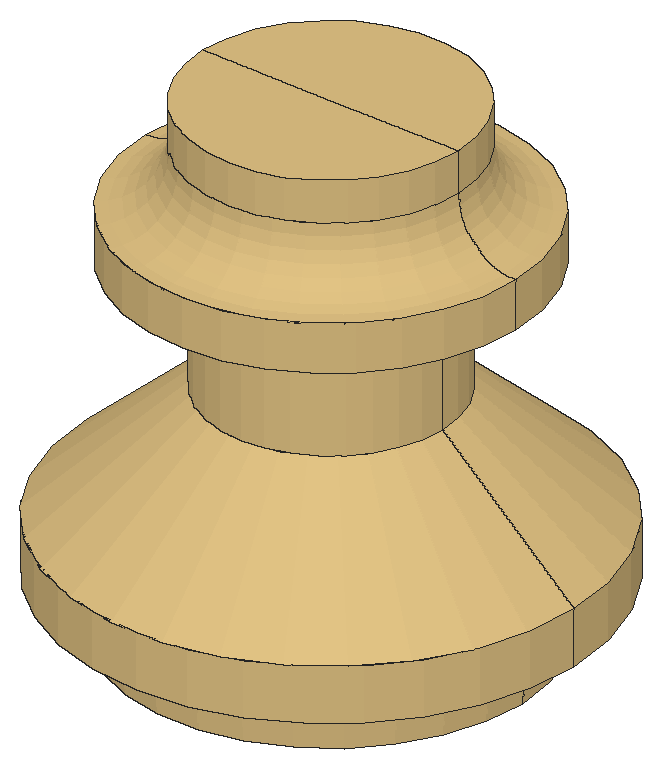
Revit family "STR_CLIMBING RING NT15_1901083", category Generic Models, Revit 2018
Family settings
  Can host rebar = No
  Round Connector Dimension = Use Diameter
  Part Type = Normal
  OmniClass Number = 35.51.14.00
  OmniClass Title = FORMWORK
  Work Plane-Based = Yes
  Always vertical = No
  Cut with Voids When Loaded = No
  Shared = Yes
  Room Calculation Point = No
Parameters
  VERSION = "20170217"  # constant formula
  URL = "www.ulmaconstruction.com/en"
  UNICLASS = ""
  ITEM_CODE = "1901083"
  Manufacturer = "ULMA CONSTRUCTION"  # constant formula
  FILTER [instance] = ""
  Default Elevation = 0.000 mm
  CLASSIFICATION_TITLE = ""
  CLASSIFICATION_NUMBER = ""
Reference planes
  plane 1 "Centro (Frontal/Posterior)": y = 0
  plane 2: z = 0
  plane 3 "Centro (Izquierda/Derecha)": x = 0
Forms (mm)
  Revolve 1, solid, material "ULMA BICHROMATE"
    sketch origin (0, 0, 0) x (1, 0, 0) y (0, 0, 1)
      loop
        arc (-20, 60) -> (-22.636, 53.636) -> (-29, 51) r 9
        line (-29, 51) -> (-29, 44)
        arc (-29, 44) -> (-23.442, 41.762) -> (-17.5, 41) r 23.542
        line (-17.5, 41) -> (-17.5, 26) -> (-38, 8) -> (-38, 0) -> (-30.75, 0) -> (-30, -8) -> (0, -8) -> (0, 66) -> (-20, 66) -> (-20, 60)
      axis (0, 66) -> (0, -8)
    angle from 0 to 360
Lines and regions (mm)
  model lines, style "ULMA ANCHOR", detail levels fine
    curve 1: circle (0, 0, 66) r 12.25 normal (0, 0, 1)
Dimensions and locks
  aligned and locked: level to plane 2
